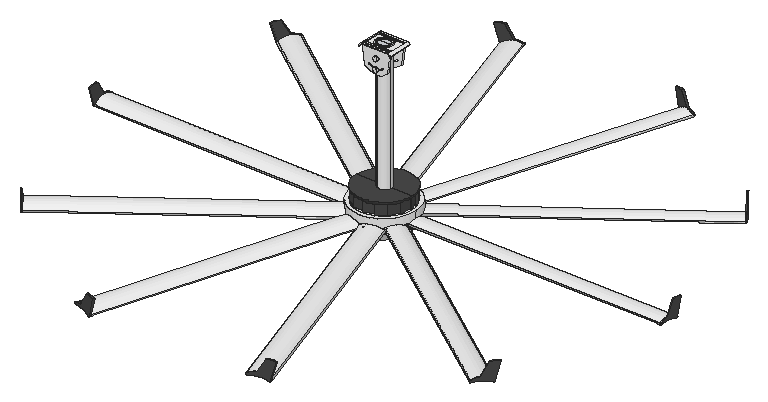
Revit family
Parameters
  Ceiling Mount Material = none
Reference planes (in)
  plane 1 "Center (Front/Back)": y = 83.35671
  plane 2: z = 0
  plane 3 "Center (Left/Right)": x = 0.62148
  plane 4: through (0.62576, 83.36748, -47.875) normal (-0.7071, 0.7071, 0)
  plane 5: through (0.62576, 83.36748, -47.875) normal (-0.7071, -0.7071, 0)
  plane 6: through (0.62576, 83.36748, -47.875) normal (0.7071, 0.7071, 0)
  plane 7: through (0.62576, 83.36748, -47.875) normal (0.7071, -0.7071, 0)
  plane 8: through (0.62576, 83.36748, -47.875) normal (-0.9239, 0.3827, 0)
  plane 9: through (0.62576, 83.36748, -47.875) normal (-0.9239, -0.3827, 0)
  plane 10: through (0.62576, 83.36748, -47.875) normal (0.9239, 0.3827, 0)
  plane 11: through (0.62576, 83.36748, -47.875) normal (0.9239, -0.3827, 0)
  plane 12: through (0.62576, 83.36748, -47.875) normal (-0.3827, 0.9239, 0)
  plane 13: through (0.62576, 83.36748, -47.875) normal (0.3827, 0.9239, 0)
  plane 14: through (0.62576, 83.36748, -47.875) normal (-0.3827, -0.9239, 0)
  plane 15: through (0.62576, 83.36748, -47.875) normal (0.3827, -0.9239, 0)
Forms (in)
  Revolve 1, solid, material <- "Ceiling Mount Material"
    sketch origin (0.62576, 83.36748, -96) x (1, 0, 0) y (0, 0, 1)
      loop
        line (0, 96) -> (-2.40625, 96) -> (-2.40625, 94.72313) -> (0, 93.60108) -> (0, 96)
      axis (0, 96) -> (0, 93.60108)
    angle from 0 to 360
  Extrusion 2, solid, material "Metal - Chrome"
    sketch origin (0.62576, 83.36748, -95.875) x (1, 0, 0) y (0, 1, 0)
      loop
        circle (0, 0) r 9.5
      loop
        circle (0, 0) r 8.5
    from 50.92047 to 53.3206
  Extrusion 3, solid, material "Metal - Chrome 3"
    sketch origin (0.62576, 83.36748, -95.875) x (1, 0, 0) y (0, 1, 0)
      loop
        circle (0, 0) r 7
      loop
        line (-8.21166, 0) -> (-7.00909, -2.90326) -> (-7.58658, -3.14246) -> (-5.36452, -5.36452) -> (-5.80652, -5.80652) -> (-2.90326, -7.00909) -> (-3.14246, -7.58658) -> (0, -7.58658) -> (0, -8.21166) -> (2.90326, -7.00909) -> (3.14246, -7.58658) -> (5.36452, -5.36452) -> (5.80652, -5.80652) -> (7.00909, -2.90326) -> (7.58658, -3.14246) -> (7.58658, 0) -> (8.21166, 0) -> (7.00909, 2.90326) -> (7.58658, 3.14246) -> (5.36452, 5.36452) -> (5.80652, 5.80652) -> (2.90326, 7.00909) -> (3.14246, 7.58658) -> (0, 7.58658) -> (0, 8.21166) -> (-2.90326, 7.00909) -> (-3.14246, 7.58658) -> (-5.36452, 5.36452) -> (-5.83363, 5.83363) -> (-7.00909, 2.90326) -> (-7.58658, 3.14246) -> (-7.58658, 0) -> (-8.21166, 0)
    from 53.3206 to 56.42047
  Revolve 4, solid, material "Metal - Chrome 1"
    sketch origin (0.62576, 83.36748, -95.875) x (1, 0, 0) y (0, 0, 1)
      loop
        arc (-9.5, 49.14541) -> (-5.43697, 45.34356) -> (-0.01159, 44.10761) r 10.65771
        line (-0.01159, 44.10761) -> (-0.01159, 49.14541) -> (-9.5, 49.14541)
      axis (0, 49.14541) -> (0, 44.10761)
    angle from 0 to 360
  Revolve 5, solid, material "Metal - Chrome 3"
    sketch origin (0.62576, 83.36748, -95.9375) x (1, 0, 0) y (0, 0, 1)
      loop
        line (-3.2881, 44.56611) -> (-3.2881, 44.37399) -> (-2.75325, 44.37399)
        arc (-2.75325, 44.37399) -> (-1.39585, 44.04374) -> (0, 43.98704) r 7.06499
        line (0, 43.98704) -> (0, 44.56611) -> (-3.2881, 44.56611)
      axis (0, 44.56611) -> (0, 43.98704)
    angle from 0 to 360
  Revolve 6, solid, material "Metal - Chrome 3"
    sketch origin (0.62576, 83.36748, -95.875) x (1, 0, 0) y (0, 0, 1)
      loop
        line (-8.0625, 56.47507) -> (0, 56.47507) -> (0, 57.12611) -> (-8.48529, 57.12611)
        arc (-8.48529, 57.12611) -> (-8.38748, 56.72683) -> (-8.0625, 56.47507) r 0.62391
      axis (0, 57.12611) -> (0, 56.47507)
    angle from 0 to 360
  Extrusion 7, solid, material "Metal - Chrome 2"
    sketch origin (0.62576, 83.36748, -96) x (1, 0, 0) y (0, 1, 0)
      loop
        circle (0, 0) r 2
      loop
        circle (0, 0) r 1.75
    from 53.3206 to 96
  Extrusion 8, solid, material "Metal - Chrome 2"
    sketch origin (0.62576, 83.36748, -96) x (1, 0, 0) y (0, 0, 1)
      loop
        line (-4.80927, 95.25058) -> (-4.63249, 95.0738) -> (-3.92538, 95.78091) -> (3.94629, 95.78091) -> (4.64295, 95.08425) -> (4.81972, 95.26103) -> (4.08075, 96) -> (-4.05984, 96) -> (-4.80927, 95.25058)
    from -3.60387 to 3.73167
  Extrusion 9, solid, material "Metal - Chrome 2"
    sketch origin (0.62576, 83.36748, -96) x (1, 0, 0) y (0, 0, 1)
      loop
        line (-3.97662, 96) -> (-3.97662, 94.75) -> (-3.37771, 89.87223)
        arc (-3.37771, 89.87223) -> (-0.00678, 88.52676) -> (3.36415, 89.87223) r 4.8955
        line (3.36415, 89.87223) -> (3.94303, 94.58682) -> (3.94303, 96) -> (-3.97662, 96)
      loop
        arc (-1.92245, 91.01505) -> (-2.32161, 90.98032) -> (-2.28376, 90.58144) r 0.28222
        arc (-2.28376, 90.58144) -> (0.0022, 89.65625) -> (2.28692, 90.58451) r 3.28125
        arc (2.28692, 90.58451) -> (2.31915, 90.9574) -> (1.95474, 91.04279) r 0.28596
        arc (1.95474, 91.04279) -> (0.02129, 90.31067) -> (-1.92245, 91.01505) r 2.97538
    from 2.4684 to 3.00597
  Extrusion 10, solid, material "Metal - Chrome 2"
    sketch origin (0.62576, 83.36748, -96) x (1, 0, 0) y (0, 0, 1)
      loop
        line (-3.97662, 96) -> (-3.97662, 94.75) -> (-3.37771, 89.87223)
        arc (-3.37771, 89.87223) -> (-0.00678, 88.52676) -> (3.36415, 89.87223) r 4.8955
        line (3.36415, 89.87223) -> (3.94303, 94.58682) -> (3.94303, 96) -> (-3.97662, 96)
      loop
        arc (-1.92245, 91.01505) -> (-2.32161, 90.98032) -> (-2.28376, 90.58144) r 0.28222
        arc (-2.28376, 90.58144) -> (0.0022, 89.65625) -> (2.28692, 90.58451) r 3.28125
        arc (2.28692, 90.58451) -> (2.31915, 90.9574) -> (1.95474, 91.04279) r 0.28596
        arc (1.95474, 91.04279) -> (0.02129, 90.31067) -> (-1.92245, 91.01505) r 2.97538
    from -2.96317 to -2.45815
  Extrusion 11, solid, material "Metal - Chrome 2"
    sketch origin (0.62576, 83.36748, -96) x (1, 0, 0) y (0, 0, 1)
      loop
        circle (0, 89.91168) r 0.60835
    from -3.36965 to -2.96317
  Extrusion 12, solid, material "Metal - Chrome 2"
    sketch origin (0.62576, 83.36748, -92.96875) x (1, 0, 0) y (0, 0, 1)
      loop
        circle (0, 89.91168) r 0.60835
    from -3.36965 to -2.96317
  Extrusion 13, solid, material "Metal - Chrome 2"
    sketch origin (0.62576, 83.36748, -92.96875) x (1, 0, 0) y (0, 0, 1)
      loop
        circle (0, 89.91168) r 0.60835
    from 3.00597 to 3.44198
  Extrusion 14, solid, material "Metal - Chrome 2"
    sketch origin (0.62576, 83.36748, -96) x (1, 0, 0) y (0, 0, 1)
      loop
        circle (0, 89.91168) r 0.60835
    from 3.00597 to 3.44198
  Extrusion 15, solid
    sketch origin (0.62576, 83.36748, -96) x (1, 0, 0) y (0, 0, 1)
      loop
        circle (0, 89.91168) r 0.25
    from -2.45815 to 2.4684
  Extrusion 16, solid
    sketch origin (0.62576, 83.36748, -92.96875) x (1, 0, 0) y (0, 0, 1)
      loop
        circle (0, 89.91168) r 0.25
    from -2.45815 to 2.4684
  Extrusion 17, solid, material "Metal - Chrome 2"
    sketch origin (-3.5019, 50.83868, -95.875) x (-0.007506, -0.999972, 0) y (0, 0, 1)
      loop
        arc (-29.27109, 49.75227) -> (-29.04889, 49.89467) -> (-29.10156, 50.15328) r 0.23339
        arc (-29.10156, 50.15328) -> (-31.98284, 51.54192) -> (-35.12337, 50.93595) r 5.08611
        arc (-35.12337, 50.93595) -> (-35.22188, 50.63788) -> (-34.93368, 50.51341) r 0.23249
        arc (-34.93368, 50.51341) -> (-32.0514, 50.51215) -> (-29.27109, 49.75227) r 10.85332
    from 3.88785 to 81.75823
  Extrusion 18, solid, material "Metal - Chrome 3"
    sketch origin (-15.0172, 83.58754, -95.875) x (0, -1, 0) y (0, 0, 1)
      loop
        arc (-0.58433, 51.5841) -> (-1.84289, 51.41328) -> (-3.01989, 50.93595) r 5.08611
        arc (-3.01989, 50.93595) -> (-3.1184, 50.63788) -> (-2.8302, 50.51341) r 0.23249
        arc (-2.8302, 50.51341) -> (0.05208, 50.51215) -> (2.83239, 49.75227) r 10.85332
        arc (2.83239, 49.75227) -> (3.03144, 49.85147) -> (3.02967, 50.07387) r 0.20994
        line (3.02967, 50.07387) -> (4.50284, 55.21142)
        arc (4.50284, 55.21142) -> (3.15266, 55.51968) -> (1.7679, 55.49887) r 5.79641
        line (1.7679, 55.49887) -> (-0.58433, 51.5841)
    from 70 to 70.35704
  Extrusion 19, solid, material "Metal - Chrome 2"
    sketch origin (-21.79985, 59.43682, -95.875) x (-0.592633, -0.805473, 0) y (0, 0, 1)
      loop
        arc (-29.27109, 49.75227) -> (-29.04889, 49.89467) -> (-29.10156, 50.15328) r 0.23339
        arc (-29.10156, 50.15328) -> (-31.98284, 51.54192) -> (-35.12337, 50.93595) r 5.08611
        arc (-35.12337, 50.93595) -> (-35.22188, 50.63788) -> (-34.93368, 50.51341) r 0.23249
        arc (-34.93368, 50.51341) -> (-32.0514, 50.51215) -> (-29.27109, 49.75227) r 10.85332
    from 3.88785 to 81.75823
  Extrusion 20, solid, material "Metal - Chrome 3"
    sketch origin (-11.91657, 92.7146, -95.875) x (-0.58657, -0.809898, 0) y (0, 0, 1)
      loop
        arc (-0.58433, 51.5841) -> (-1.84289, 51.41328) -> (-3.01989, 50.93595) r 5.08611
        arc (-3.01989, 50.93595) -> (-3.1184, 50.63788) -> (-2.8302, 50.51341) r 0.23249
        arc (-2.8302, 50.51341) -> (0.05208, 50.51215) -> (2.83239, 49.75227) r 10.85332
        arc (2.83239, 49.75227) -> (3.03144, 49.85147) -> (3.02967, 50.07387) r 0.20994
        line (3.02967, 50.07387) -> (4.50284, 55.21142)
        arc (4.50284, 55.21142) -> (3.15266, 55.51968) -> (1.7679, 55.49887) r 5.79641
        line (1.7679, 55.49887) -> (-0.58433, 51.5841)
    from 70 to 70.35704
  Extrusion 21, solid, material "Metal - Chrome 2"
    sketch origin (-31.57592, 77.13347, -95.875) x (-0.952439, -0.304731, 0) y (0, 0, 1)
      loop
        arc (-29.27109, 49.75227) -> (-29.04889, 49.89467) -> (-29.10156, 50.15328) r 0.23339
        arc (-29.10156, 50.15328) -> (-31.98284, 51.54192) -> (-35.12337, 50.93595) r 5.08611
        arc (-35.12337, 50.93595) -> (-35.22188, 50.63788) -> (-34.93368, 50.51341) r 0.23249
        arc (-34.93368, 50.51341) -> (-32.0514, 50.51215) -> (-29.27109, 49.75227) r 10.85332
    from 3.88785 to 81.75823
  Extrusion 22, solid, material "Metal - Chrome 3"
    sketch origin (-4.05171, 98.28786, -95.875) x (-0.950124, -0.311871, 0) y (0, 0, 1)
      loop
        arc (-0.58433, 51.5841) -> (-1.84289, 51.41328) -> (-3.01989, 50.93595) r 5.08611
        arc (-3.01989, 50.93595) -> (-3.1184, 50.63788) -> (-2.8302, 50.51341) r 0.23249
        arc (-2.8302, 50.51341) -> (0.05208, 50.51215) -> (2.83239, 49.75227) r 10.85332
        arc (2.83239, 49.75227) -> (3.03144, 49.85147) -> (3.02967, 50.07387) r 0.20994
        line (3.02967, 50.07387) -> (4.50284, 55.21142)
        arc (4.50284, 55.21142) -> (3.15266, 55.51968) -> (1.7679, 55.49887) r 5.79641
        line (1.7679, 55.49887) -> (-0.58433, 51.5841)
    from 70 to 70.35704
  Extrusion 23, solid, material "Metal - Chrome 2"
    sketch origin (-29.11322, 97.20031, -95.875) x (-0.950124, 0.311871, 0) y (0, 0, 1)
      loop
        arc (-29.27109, 49.75227) -> (-29.04889, 49.89467) -> (-29.10156, 50.15328) r 0.23339
        arc (-29.10156, 50.15328) -> (-31.98284, 51.54192) -> (-35.12337, 50.93595) r 5.08611
        arc (-35.12337, 50.93595) -> (-35.22188, 50.63788) -> (-34.93368, 50.51341) r 0.23249
        arc (-34.93368, 50.51341) -> (-32.0514, 50.51215) -> (-29.27109, 49.75227) r 10.85332
    from 3.88785 to 81.75823
  Extrusion 24, solid, material "Metal - Chrome 3"
    sketch origin (5.58712, 98.18834, -95.875) x (-0.952439, 0.304731, 0) y (0, 0, 1)
      loop
        arc (-0.58433, 51.5841) -> (-1.84289, 51.41328) -> (-3.01989, 50.93595) r 5.08611
        arc (-3.01989, 50.93595) -> (-3.1184, 50.63788) -> (-2.8302, 50.51341) r 0.23249
        arc (-2.8302, 50.51341) -> (0.05208, 50.51215) -> (2.83239, 49.75227) r 10.85332
        arc (2.83239, 49.75227) -> (3.03144, 49.85147) -> (3.02967, 50.07387) r 0.20994
        line (3.02967, 50.07387) -> (4.50284, 55.21142)
        arc (4.50284, 55.21142) -> (3.15266, 55.51968) -> (1.7679, 55.49887) r 5.79641
        line (1.7679, 55.49887) -> (-0.58433, 51.5841)
    from 70 to 70.35704
  Extrusion 25, solid, material "Metal - Chrome 2"
    sketch origin (-15.34807, 112.00787, -95.875) x (-0.58657, 0.809898, 0) y (0, 0, 1)
      loop
        arc (-29.27109, 49.75227) -> (-29.04889, 49.89467) -> (-29.10156, 50.15328) r 0.23339
        arc (-29.10156, 50.15328) -> (-31.98284, 51.54192) -> (-35.12337, 50.93595) r 5.08611
        arc (-35.12337, 50.93595) -> (-35.22188, 50.63788) -> (-34.93368, 50.51341) r 0.23249
        arc (-34.93368, 50.51341) -> (-32.0514, 50.51215) -> (-29.27109, 49.75227) r 10.85332
    from 3.88785 to 81.75823
  Extrusion 26, solid, material "Metal - Chrome 3"
    sketch origin (13.33523, 92.45388, -95.875) x (-0.592633, 0.805473, 0) y (0, 0, 1)
      loop
        arc (-0.58433, 51.5841) -> (-1.84289, 51.41328) -> (-3.01989, 50.93595) r 5.08611
        arc (-3.01989, 50.93595) -> (-3.1184, 50.63788) -> (-2.8302, 50.51341) r 0.23249
        arc (-2.8302, 50.51341) -> (0.05208, 50.51215) -> (2.83239, 49.75227) r 10.85332
        arc (2.83239, 49.75227) -> (3.03144, 49.85147) -> (3.02967, 50.07387) r 0.20994
        line (3.02967, 50.07387) -> (4.50284, 55.21142)
        arc (4.50284, 55.21142) -> (3.15266, 55.51968) -> (1.7679, 55.49887) r 5.79641
        line (1.7679, 55.49887) -> (-0.58433, 51.5841)
    from 70 to 70.35704
  Extrusion 27, solid, material "Metal - Chrome 2"
    sketch origin (4.48597, 115.92626, -95.875) x (0, 1, 0) y (0, 0, 1)
      loop
        arc (-29.27109, 49.75227) -> (-29.04889, 49.89467) -> (-29.10156, 50.15328) r 0.23339
        arc (-29.10156, 50.15328) -> (-31.98284, 51.54192) -> (-35.12337, 50.93595) r 5.08611
        arc (-35.12337, 50.93595) -> (-35.22188, 50.63788) -> (-34.93368, 50.51341) r 0.23249
        arc (-34.93368, 50.51341) -> (-32.0514, 50.51215) -> (-29.27109, 49.75227) r 10.85332
    from 3.88785 to 81.75823
  Extrusion 28, solid, material "Metal - Chrome 3"
    sketch origin (16.24675, 83.26475, -95.875) x (-0.007506, 0.999972, 0) y (0, 0, 1)
      loop
        arc (-0.58433, 51.5841) -> (-1.84289, 51.41328) -> (-3.01989, 50.93595) r 5.08611
        arc (-3.01989, 50.93595) -> (-3.1184, 50.63788) -> (-2.8302, 50.51341) r 0.23249
        arc (-2.8302, 50.51341) -> (0.05208, 50.51215) -> (2.83239, 49.75227) r 10.85332
        arc (2.83239, 49.75227) -> (3.03144, 49.85147) -> (3.02967, 50.07387) r 0.20994
        line (3.02967, 50.07387) -> (4.50284, 55.21142)
        arc (4.50284, 55.21142) -> (3.15266, 55.51968) -> (1.7679, 55.49887) r 5.79641
        line (1.7679, 55.49887) -> (-0.58433, 51.5841)
    from 70 to 70.35704
  Extrusion 29, solid, material "Metal - Chrome 2"
    sketch origin (22.84794, 107.4657, -95.875) x (0.58657, 0.809898, 0) y (0, 0, 1)
      loop
        arc (-29.27109, 49.75227) -> (-29.04889, 49.89467) -> (-29.10156, 50.15328) r 0.23339
        arc (-29.10156, 50.15328) -> (-31.98284, 51.54192) -> (-35.12337, 50.93595) r 5.08611
        arc (-35.12337, 50.93595) -> (-35.22188, 50.63788) -> (-34.93368, 50.51341) r 0.23249
        arc (-34.93368, 50.51341) -> (-32.0514, 50.51215) -> (-29.27109, 49.75227) r 10.85332
    from 3.88785 to 81.75823
  Extrusion 30, solid, material "Metal - Chrome 3"
    sketch origin (13.21471, 74.11467, -95.875) x (0.580475, 0.814278, 0) y (0, 0, 1)
      loop
        arc (-0.58433, 51.5841) -> (-1.84289, 51.41328) -> (-3.01989, 50.93595) r 5.08611
        arc (-3.01989, 50.93595) -> (-3.1184, 50.63788) -> (-2.8302, 50.51341) r 0.23249
        arc (-2.8302, 50.51341) -> (0.05208, 50.51215) -> (2.83239, 49.75227) r 10.85332
        arc (2.83239, 49.75227) -> (3.03144, 49.85147) -> (3.02967, 50.07387) r 0.20994
        line (3.02967, 50.07387) -> (4.50284, 55.21142)
        arc (4.50284, 55.21142) -> (3.15266, 55.51968) -> (1.7679, 55.49887) r 5.79641
        line (1.7679, 55.49887) -> (-0.58433, 51.5841)
    from 70 to 70.35704
  Extrusion 31, solid, material "Metal - Chrome 2"
    sketch origin (32.75656, 89.84293, -95.875) x (0.950124, 0.311871, 0) y (0, 0, 1)
      loop
        arc (-29.27109, 49.75227) -> (-29.04889, 49.89467) -> (-29.10156, 50.15328) r 0.23339
        arc (-29.10156, 50.15328) -> (-31.98284, 51.54192) -> (-35.12337, 50.93595) r 5.08611
        arc (-35.12337, 50.93595) -> (-35.22188, 50.63788) -> (-34.93368, 50.51341) r 0.23249
        arc (-34.93368, 50.51341) -> (-32.0514, 50.51215) -> (-29.27109, 49.75227) r 10.85332
    from 3.88785 to 81.75823
  Extrusion 32, solid, material "Metal - Chrome 3"
    sketch origin (5.39191, 68.48254, -95.875) x (0.947757, 0.318994, 0) y (0, 0, 1)
      loop
        arc (-0.58433, 51.5841) -> (-1.84289, 51.41328) -> (-3.01989, 50.93595) r 5.08611
        arc (-3.01989, 50.93595) -> (-3.1184, 50.63788) -> (-2.8302, 50.51341) r 0.23249
        arc (-2.8302, 50.51341) -> (0.05208, 50.51215) -> (2.83239, 49.75227) r 10.85332
        arc (2.83239, 49.75227) -> (3.03144, 49.85147) -> (3.02967, 50.07387) r 0.20994
        line (3.02967, 50.07387) -> (4.50284, 55.21142)
        arc (4.50284, 55.21142) -> (3.15266, 55.51968) -> (1.7679, 55.49887) r 5.79641
        line (1.7679, 55.49887) -> (-0.58433, 51.5841)
    from 70 to 70.35704
  Extrusion 33, solid, material "Metal - Chrome 2"
    sketch origin (30.44455, 69.75817, -95.875) x (0.952439, -0.304731, 0) y (0, 0, 1)
      loop
        arc (-29.27109, 49.75227) -> (-29.04889, 49.89467) -> (-29.10156, 50.15328) r 0.23339
        arc (-29.10156, 50.15328) -> (-31.98284, 51.54192) -> (-35.12337, 50.93595) r 5.08611
        arc (-35.12337, 50.93595) -> (-35.22188, 50.63788) -> (-34.93368, 50.51341) r 0.23249
        arc (-34.93368, 50.51341) -> (-32.0514, 50.51215) -> (-29.27109, 49.75227) r 10.85332
    from 3.88785 to 81.75823
  Extrusion 34, solid, material "Metal - Chrome 3"
    sketch origin (-4.2474, 68.50971, -95.875) x (0.954699, -0.297573, 0) y (0, 0, 1)
      loop
        arc (-0.58433, 51.5841) -> (-1.84289, 51.41328) -> (-3.01989, 50.93595) r 5.08611
        arc (-3.01989, 50.93595) -> (-3.1184, 50.63788) -> (-2.8302, 50.51341) r 0.23249
        arc (-2.8302, 50.51341) -> (0.05208, 50.51215) -> (2.83239, 49.75227) r 10.85332
        arc (2.83239, 49.75227) -> (3.03144, 49.85147) -> (3.02967, 50.07387) r 0.20994
        line (3.02967, 50.07387) -> (4.50284, 55.21142)
        arc (4.50284, 55.21142) -> (3.15266, 55.51968) -> (1.7679, 55.49887) r 5.79641
        line (1.7679, 55.49887) -> (-0.58433, 51.5841)
    from 70 to 70.35704
  Extrusion 35, solid, material "Metal - Chrome 2"
    sketch origin (16.79093, 54.84771, -95.875) x (0.592633, -0.805473, 0) y (0, 0, 1)
      loop
        arc (-29.27109, 49.75227) -> (-29.04889, 49.89467) -> (-29.10156, 50.15328) r 0.23339
        arc (-29.10156, 50.15328) -> (-31.98284, 51.54192) -> (-35.12337, 50.93595) r 5.08611
        arc (-35.12337, 50.93595) -> (-35.22188, 50.63788) -> (-34.93368, 50.51341) r 0.23249
        arc (-34.93368, 50.51341) -> (-32.0514, 50.51215) -> (-29.27109, 49.75227) r 10.85332
    from 3.88785 to 81.75823
  Extrusion 36, solid, material "Metal - Chrome 3"
    sketch origin (-12.03833, 74.18585, -95.875) x (0.598662, -0.801002, 0) y (0, 0, 1)
      loop
        arc (-0.58433, 51.5841) -> (-1.84289, 51.41328) -> (-3.01989, 50.93595) r 5.08611
        arc (-3.01989, 50.93595) -> (-3.1184, 50.63788) -> (-2.8302, 50.51341) r 0.23249
        arc (-2.8302, 50.51341) -> (0.05208, 50.51215) -> (2.83239, 49.75227) r 10.85332
        arc (2.83239, 49.75227) -> (3.03144, 49.85147) -> (3.02967, 50.07387) r 0.20994
        line (3.02967, 50.07387) -> (4.50284, 55.21142)
        arc (4.50284, 55.21142) -> (3.15266, 55.51968) -> (1.7679, 55.49887) r 5.79641
        line (1.7679, 55.49887) -> (-0.58433, 51.5841)
    from 70 to 70.35704
  Extrusion 37, solid, material "Metal - Chrome 3"
    sketch origin (0.62576, 83.36748, -97.625) x (1, 0, 0) y (0, 1, 0)
      loop
        circle (0, 0) r 9.5
      loop
        circle (0, 0) r 8.5
    from 50.89541 to 52.67047
  Extrusion 38, solid, material "Metal - Chrome 2", not visible
    sketch origin (-3.5019, 50.83868, -67.92454) x (-0.007506, -0.999972, 0) y (0, 0, 1)
      loop
        arc (-29.27109, 49.75227) -> (-29.04889, 49.89467) -> (-29.10156, 50.15328) r 0.23339
        arc (-29.10156, 50.15328) -> (-31.98284, 51.54192) -> (-35.12337, 50.93595) r 5.08611
        arc (-35.12337, 50.93595) -> (-35.22188, 50.63788) -> (-34.93368, 50.51341) r 0.23249
        arc (-34.93368, 50.51341) -> (-32.0514, 50.51215) -> (-29.27109, 49.75227) r 10.85332
    from 3.88785 to 81.75823
  Extrusion 39, solid, material "Metal - Chrome 3", not visible
    sketch origin (-15.0172, 83.58754, -67.92454) x (0, -1, 0) y (0, 0, 1)
      loop
        arc (-0.58433, 51.5841) -> (-1.84289, 51.41328) -> (-3.01989, 50.93595) r 5.08611
        arc (-3.01989, 50.93595) -> (-3.1184, 50.63788) -> (-2.8302, 50.51341) r 0.23249
        arc (-2.8302, 50.51341) -> (0.05208, 50.51215) -> (2.83239, 49.75227) r 10.85332
        arc (2.83239, 49.75227) -> (3.03144, 49.85147) -> (3.02967, 50.07387) r 0.20994
        line (3.02967, 50.07387) -> (4.50284, 55.21142)
        arc (4.50284, 55.21142) -> (3.15266, 55.51968) -> (1.7679, 55.49887) r 5.79641
        line (1.7679, 55.49887) -> (-0.58433, 51.5841)
    from 70 to 70.35704
Dimensions and locks (in)
  aligned and locked: plane 2 to level
Connectors (in)
  electrical at (0.63622, 83.30358, 0)
    settings: on Extrusion 8, index 1, voltage 0 V, apparent load 0 VA, apparent load phase1 0 VA, apparent load phase2 0 VA, apparent load phase3 0 VA, power factor 1, load classification "Other", number of poles 1, system type 31, power factor state 1, is connector primary yes, connector utility no, sub classification motor no, connector description ""
